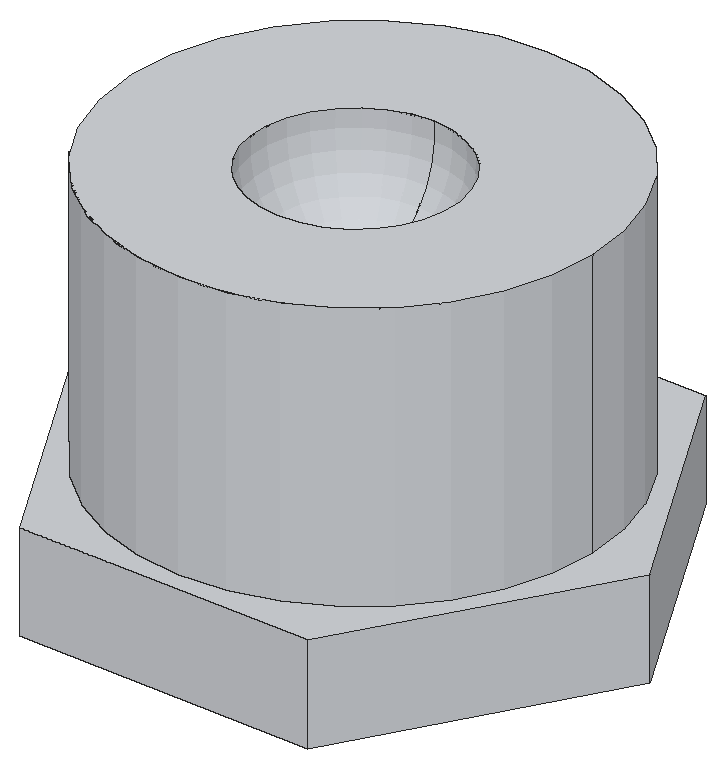
Revit family "HSP1G", category Generic Models, Revit 2017
Family settings
  Can host rebar = No
  Round Connector Dimension = Use Diameter
  Part Type = Normal
  Work Plane-Based = Yes
  Always vertical = No
  Cut with Voids When Loaded = No
  Shared = No
  Room Calculation Point = No
Parameters (values of type "NBS Standard Parameters")
  Weight = "0.0324Kg"
  WarrantyStartDate [instance] = "1900-12-31T23:59:59"
  WarrantyGuarantorParts = "n/a"
  WarrantyGuarantorLabor = "n/a"
  WarrantyDurationUnit = "1 year"
  WarrantyDurationParts = "n/a"
  WarrantyDurationLabor = "n/a"
  WarrantyDescription = "n/a"
  Version = "1"
  Uniclass2 = "Pr_65_70_11_20"
  TagNumber [instance] = "n/a"
  SustainabilityPerformance = "n/a"
  Size = "20mm"
  Shape = "Circular"
  SerialNumber [instance] = "n/a"
  Revision = "n/a"
  ReplacementCost = "n/a"
  ProductInformation = "www.metpro.co.uk/pdf/hsp1g.pdf"
  NominalWidth = 20.7 mm
  NominalLength = 20.7 mm
  NominalHeight = 15 mm
  Name = ""
  NBSTypeID = ""
  NBSReference = "90-55-10/460"
  NBSOfficeMasterTag = ""
  NBSNote = ""
  NBSDescription = "Conduit Fittings"
  NBSCertification = ""
  ModelReference = "HSP1G"
  ModelNumber = "n/a"
  Material = "Steel"
  ManufacturerURL = "www.metpro.co.uk"
  ManufacturerName = "Metpro Ltd"
  Keynote = "Complaint LU Standard 1-085"
  InstallationDate [instance] = "1900-12-31T23:59:59"
  IfcExportType = ""
  IfcExportAs = ""
  Grade = "n/a"
  Finish = "BZP"
  Features = "n/a"
  ExpectedLife = "n/a"
  DurationUnit = "year"
  Description = "HSP1G  20mm Hexagonal Conduit Stopping Plug"
  Default Elevation = 1219.2 mm
  Constituents = "n/a"
  Color = "n/a"
  CodePerformance = "n/a"
  Category = "n/a"
  BarCode [instance] = "n/a"
  BIMObjectName = "Metpro_Metprolibrary_Conduitfittings_Metalcomponents_Steelaccessories"
  Author = "Metpro Limited"
  AssetType = ""
  AssetIdentifier [instance] = "n/a"
  AccessibilityPerformance = "n/a"
Reference planes
  plane 1 "Center (Front/Back)": y = 0
  plane 2: z = 0
  plane 3 "Center (Left/Right)": x = 0
Forms (mm)
  Extrusion 1, solid
    sketch origin (2.366, -16.98, 9.52) x (0, 1, 0) y (-1, 0, 0)
      loop
        line (0, -11.866) -> (10.276, -5.933) -> (10.276, 5.933) -> (0, 11.866) -> (-10.276, 5.933) -> (-10.276, -5.933) -> (0, -11.866)
    from 0 to 4
  Extrusion 2, solid
    sketch origin (2.366, -16.98, 9.52) x (0, 1, 0) y (-1, 0, 0)
      loop
        circle (0, 0) r 9.5
    from 3 to 15
  Revolve 3, void
    sketch origin (2.366, -17.352, 50.533) x (0, 0, 1) y (0, -1, 0)
      loop
        arc (-22.46, 0) -> (-26.5, 4.04) -> (-30.54, 0) r 4.04
        line (-30.54, 0) -> (-22.46, 0)
      axis (-22.46, 0) -> (-30.54, 0)
    angle from 0 to 360
Cuts and joins
  Revolve 3 cuts Extrusion 2
Dimensions and locks
  aligned and locked: level to plane 2
